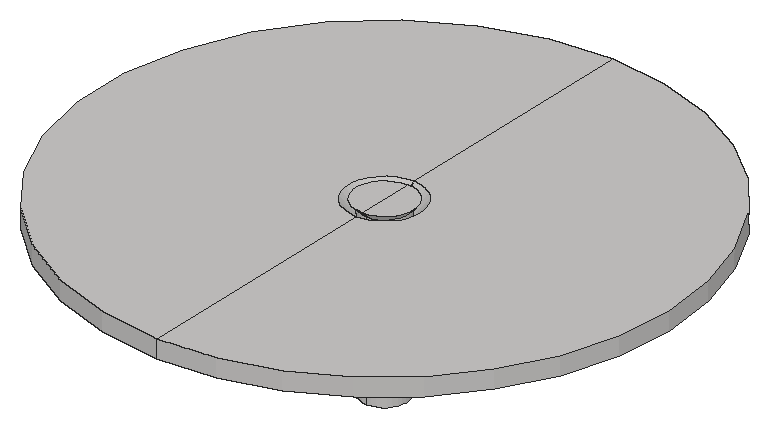
Revit family "Cover_Access_Round-Zurn-Z1469", category Plumbing Fixtures, host Face, Revit 2022
Family settings
  Host = Face
  Round Connector Dimension = Use Radius
  Part Type = Normal
  OmniClass Number = 23.60.30.11.14
  OmniClass Title = Pipework Fittings
  Cut with Voids When Loaded = No
  Maintain Annotation Orientation = No
  Shared = No
  Room Calculation Point = No
Parameters (values of type "Load Family Type Catalog")
  Waste Connection = 1 = 1  # yes
  WFU = 1  # constant formula
  Vent Connection = 1 = 0  # no
  URL = "www.zurn.com"
  Type Comments = "ZS1469-4 Inch Cover"
  Product data url = "https://www.bimobject.com/en-in/zurnindustries/product/z1469"
  Product Page URL = "https://www.zurn.com/products/drainage-interceptors/cleanouts/access-covers/z1469"
  Product Documentation Link = "https://files.zurn.com/spec-sheets/z1469.pdf"
  Modified Date = "02/13/2026"  # constant formula
  Model = "Z1469"
  Manufacurer Brand = "Zurn"  # constant formula
  Manufacturer = "Zurn Water, LLC"  # constant formula
  Main Material = Steel – Zurn – Stainless – Polished
  HWFU = 0  # constant formula
  HW Connection = 1 = 0  # no
  Description = "ROUND ACCESS COVER"  # constant formula
  Default Elevation = 20.000"  # constant formula
  Date Created = "04/10/2010"  # constant formula
  CWFU = 0  # constant formula
  CW Connection = 1 = 0  # no
  Cover Dia (A) = 4.000"
  Assembly Code = "D2030100"
  Approx. Weight (Lbs) = 1.000"
Reference planes (in)
  plane 1 "Center (Front/Back)": y = 0
  plane 2: z = 0
  plane 3 "Center (Left/Right)": x = 0
  plane 4: y = -2
  plane 5: y = 2
  plane 6: x = -1.5
  plane 7: x = 1.5
  plane 8 "Bottom End": z = -1.1
  plane 9: y = -0.156
  plane 10 "Top Plane": z = 0.125
  plane 11: y = -0.125
  plane 12: y = -0.25293
  plane 13: y = -0.18136
  plane 14: y = -0.20066
  plane 15: z = 0.08034
Forms (in)
  Revolve 1, solid, material "Steel – Zurn – Stainless – Polished" <- "Main Material", detail levels fine
    sketch origin (0.00363, 0.09528, -0.05765) x (0, 0, 1) y (0, -1, 0)
      loop
        line (0.03576, 0.25298) -> (0.03576, 0.22028) -> (0.18265, 0.34821) -> (0.18265, 2.09528) -> (0.05765, 2.09528) -> (0.05765, 0.27664) -> (0.03576, 0.25298)
      axis (0.18265, 0.09528) -> (0.03576, 0.09528)
    angle from 0 to 360
  Revolve 2, solid, material "Steel – Zurn – Stainless – Polished" <- "Main Material", detail levels fine
    sketch origin (0.00363, 0.00703, -3.00171) x (0, 0, 1) y (0, -1, 0)
      loop
        line (3.08205, 0.16303) -> (1.90171, 0.16303) -> (1.90171, 0.00703) -> (3.12671, 0.00703) -> (3.12671, 0.2077) -> (3.08205, 0.16303)
      axis (3.12671, 0.00703) -> (1.90171, 0.00703)
    angle from 0 to 360
Lines and regions (in)
  Masking region 1, detail levels fine
    outline origin (0, 0, 0) x (1, 0, 0) y (0, 1, 0)
      loop
        circle (0, 0) r 2
  model lines, detail levels coarse+medium
    curve 1: line (0, 0, 0.125) -> (0, 0, -1.1)
    curve 2: circle (0, 0, -1.1) r 0.15625 normal (0, 0, 1)
    curve 3: circle (0, 0, 0.125) r 2 normal (0, 0, 1)
Dimensions and locks (in)
  equal spacing: plane 5, plane 1 "Center (Front/Back)", plane 4
  locked: Revolve 1 sketch curve to Revolve 1 sketch curve at 0.0327
  equal spacing: plane 4, plane 1 "Center (Front/Back)", plane 5
  "Cover Dia (A)": plane 4 to plane 5
  equal spacing: plane 6, plane 3 "Center (Left/Right)", plane 7
  locked: plane 6 to plane 7 at 3
  locked: Revolve 1 sketch curve to Revolve 1 sketch curve at 0.02505
  plane 2 to level = 0.000"
  locked: plane 2 to plane 8 "Bottom End" at 1.1
  locked: plane 9 to plane 1 "Center (Front/Back)" at 0.156
  locked: plane 10 "Top Plane" to plane 2 at 0.125
  locked: plane 1 "Center (Front/Back)" to plane 11 at 0.125
  locked: plane 1 "Center (Front/Back)" to plane 12 at 0.25293
  locked: plane 1 "Center (Front/Back)" to plane 13 at 0.18136
  locked: plane 1 "Center (Front/Back)" to plane 14 at 0.20066
  locked: plane 15 to Revolve 1 at 0.04466
  "Cover Dia (A)": diameter of curve 3
  "Cover Dia (A)": diameter of Masking region 1 sketch curve
  locked: Revolve 2 sketch curve to Revolve 2 sketch curve (angle 135.00°)
  aligned and locked: plane 2 to host face
  aligned and locked: Revolve 2 sketch curve to plane 1 "Center (Front/Back)"
  aligned and locked: Revolve 1 sketch curve to plane 3 "Center (Left/Right)"
  aligned and locked: Revolve 1 sketch curve to Revolve 1 sketch curve
  aligned and locked: plane 3 "Center (Left/Right)" to Masking region 1 sketch curve
  aligned and locked: plane 1 "Center (Front/Back)" to Masking region 1 sketch curve
  aligned and locked: Revolve 1 sketch curve to plane 2
  aligned and locked: plane 4 to Revolve 1 sketch curve  (x3)
  aligned and locked: Revolve 2 sketch curve to plane 8 "Bottom End"
  aligned and locked: plane 10 "Top Plane" to Revolve 1 sketch curve  (x2)
  aligned and locked: plane 9 to Revolve 2 sketch curve  (x2)
  aligned and locked: plane 1 "Center (Front/Back)" to Revolve 2 sketch curve  (x3)
  aligned and locked: plane 8 "Bottom End" to Revolve 2 sketch curve
  aligned and locked: plane 1 "Center (Front/Back)" to curve 2
  aligned and locked: plane 3 "Center (Left/Right)" to curve 2
  aligned and locked: plane 1 "Center (Front/Back)" to curve 3
  aligned and locked: plane 3 "Center (Left/Right)" to curve 3
  aligned and locked: plane 8 "Bottom End" to curve 1
  aligned and locked: curve 1 to plane 3 "Center (Left/Right)"
  aligned and locked: plane 10 "Top Plane" to curve 1
  aligned and locked: plane 11 to Revolve 1 sketch curve
  aligned and locked: plane 12 to Revolve 1 sketch curve
  aligned and locked: plane 13 to Revolve 1 sketch curve
  aligned and locked: plane 14 to Revolve 2 sketch curve
  aligned and locked: plane 15 to Revolve 2 sketch curve
  aligned and locked: plane 2 to Revolve 1 sketch curve
  aligned and locked: curve 3 to Revolve 2 sketch curve
  aligned and locked: plane 10 "Top Plane" to Revolve 2 sketch curve
Automatic sketch dimensions
  host sketch curve to host sketch curve = 96.000"  (x2)
  Revolve 2 sketch curve to Revolve 2 sketch curve = 2.14062"
  radius of curve 2 = 0.15625"
Types in the file's own list only (10): name | Type Comments | Model | Main Material | Default Elevation | Cover Dia (A) | Approx. Weight (Lbs)
  ZS1469 4 Inch | "ZS1469-4 Inch Cover" | "ZS1469" | Steel – Zurn – Stainless – Polished | 20.000 " | 4.000 " | 1.000 "
  ZS1469 5 Inch | "ZS1469-5 Inch Cover" | "ZS1469" | Steel – Zurn – Stainless – Polished | 20.000 " | 5.000 " | 1.000 "
  ZS1469 7 Inch | "ZS1469-7 Inch Cover" | "ZS1469" | Steel – Zurn – Stainless – Polished | 20.000 " | 7.000 " | 2.000 "
  ZS1469 9 Inch | "ZS1469-9 Inch Cover" | "ZS1469" | Steel – Zurn – Stainless – Polished | 20.000 " | 9.000 " | 3.000 "
  ZS1469 11 Inch | "ZS1469-11 Inch Cover" | "ZS1469" | Steel – Zurn – Stainless – Polished | 20.000 " | 11.000 " | 4.000 "
  ZAB1469 4 Inch | "ZAB1469-4 Inch Cover" | "ZAB1469" | Bronze - Zurn - Polished | 20.000 " | 4.000 " | 1.000 "
  ZAB1469 5 Inch | "ZAB1469-5 Inch Cover" | "ZAB1469" | Bronze - Zurn - Polished | 20.000 " | 5.000 " | 1.000 "
  ZAB1469 7 Inch | "ZAB1469-7 Inch Cover" | "ZAB1469" | Bronze - Zurn - Polished | 20.000 " | 7.000 " | 2.000 "
  ZAB1469 9 Inch | "ZAB1469-9 Inch Cover" | "ZAB1469" | Bronze - Zurn - Polished | 20.000 " | 9.000 " | 3.000 "
  ZAB1469 11 Inch | "ZAB1469-11 Inch Cover" | "ZAB1469" | Bronze - Zurn - Polished | 20.000 " | 11.000 " | 4.000 "
